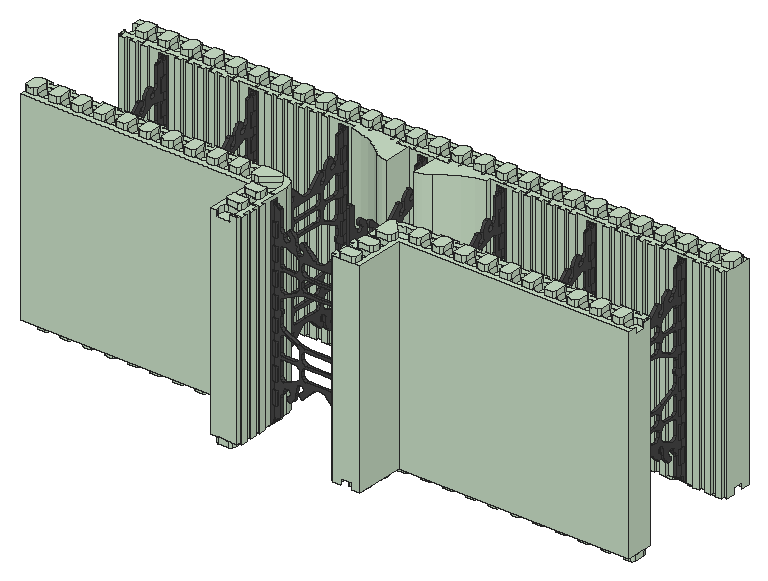
Revit family (continued)
Definition of nested family "NUDURA Diamond Pattern Missing Left Line"
  Lines and regions (mm)
    model lines
      curve 8: arc (117.704, -142.875, 431.415) -> (120.494, -142.875, 438.15) -> (117.704, -142.875, 444.885) r 9.525
      curve 9: line (108.981, -142.875, 422.692) -> (117.704, -142.875, 431.415)
      curve 10: arc (105.934, -142.875, 452.165) -> (101.444, -142.875, 454.025) -> (96.953, -142.875, 452.165) r 6.35
      curve 11: line (115.459, -142.875, 442.64) -> (105.934, -142.875, 452.165)
      curve 12: arc (115.459, -142.875, 433.66) -> (117.319, -142.875, 438.15) -> (115.459, -142.875, 442.64) r 6.35
      curve 13: line (105.934, -142.875, 424.135) -> (115.459, -142.875, 433.66)
      curve 14: arc (96.953, -142.875, 424.135) -> (101.444, -142.875, 422.275) -> (105.934, -142.875, 424.135) r 6.35
      curve 15: line (87.428, -142.875, 433.66) -> (96.953, -142.875, 424.135)
      curve 16: arc (87.428, -142.875, 442.64) -> (85.569, -142.875, 438.15) -> (87.428, -142.875, 433.66) r 6.35
      curve 17: line (96.953, -142.875, 452.165) -> (87.428, -142.875, 442.64)
      curve 18: arc (93.906, -142.875, 415.508) -> (95.394, -142.875, 419.1) -> (93.906, -142.875, 422.692) r 5.08
      curve 19: line (117.704, -142.875, 406.785) -> (108.981, -142.875, 415.508)
      curve 20: arc (117.704, -142.875, 393.315) -> (120.494, -142.875, 400.05) -> (117.704, -142.875, 406.785) r 9.525
      curve 21: line (108.981, -142.875, 384.592) -> (117.704, -142.875, 393.315)
      curve 22: line (85.183, -142.875, 393.315) -> (93.906, -142.875, 384.592)
      curve 23: arc (85.183, -142.875, 406.785) -> (82.394, -142.875, 400.05) -> (85.183, -142.875, 393.315) r 9.525
      curve 24: line (93.906, -142.875, 415.508) -> (85.183, -142.875, 406.785)
      curve 25: arc (105.934, -142.875, 414.065) -> (101.444, -142.875, 415.925) -> (96.953, -142.875, 414.065) r 6.35
      curve 26: line (96.953, -142.875, 414.065) -> (87.428, -142.875, 404.54)
      curve 27: arc (87.428, -142.875, 404.54) -> (85.569, -142.875, 400.05) -> (87.428, -142.875, 395.56) r 6.35
      curve 28: line (87.428, -142.875, 395.56) -> (96.953, -142.875, 386.035)
      curve 29: arc (96.953, -142.875, 386.035) -> (101.444, -142.875, 384.175) -> (105.934, -142.875, 386.035) r 6.35
      curve 30: line (105.934, -142.875, 386.035) -> (115.459, -142.875, 395.56)
      curve 31: arc (115.459, -142.875, 395.56) -> (117.319, -142.875, 400.05) -> (115.459, -142.875, 404.54) r 6.35
      curve 32: line (115.459, -142.875, 404.54) -> (105.934, -142.875, 414.065)
      curve 33: arc (93.906, -142.875, 377.408) -> (95.394, -142.875, 381) -> (93.906, -142.875, 384.592) r 5.08
      curve 34: line (117.704, -142.875, 368.685) -> (108.981, -142.875, 377.408)
      curve 35: arc (117.704, -142.875, 355.215) -> (120.494, -142.875, 361.95) -> (117.704, -142.875, 368.685) r 9.525
      curve 36: line (108.981, -142.875, 346.492) -> (117.704, -142.875, 355.215)
      curve 37: line (85.183, -142.875, 355.215) -> (93.906, -142.875, 346.492)
      curve 38: arc (85.183, -142.875, 368.685) -> (82.394, -142.875, 361.95) -> (85.183, -142.875, 355.215) r 9.525
      curve 39: line (93.906, -142.875, 377.408) -> (85.183, -142.875, 368.685)
      curve 40: arc (105.934, -142.875, 375.965) -> (101.444, -142.875, 377.825) -> (96.953, -142.875, 375.965) r 6.35
      curve 41: line (96.953, -142.875, 375.965) -> (87.428, -142.875, 366.44)
      curve 42: arc (87.428, -142.875, 366.44) -> (85.569, -142.875, 361.95) -> (87.428, -142.875, 357.46) r 6.35
      curve 43: line (87.428, -142.875, 357.46) -> (96.953, -142.875, 347.935)
      curve 44: arc (96.953, -142.875, 347.935) -> (101.444, -142.875, 346.075) -> (105.934, -142.875, 347.935) r 6.35
      curve 45: line (105.934, -142.875, 347.935) -> (115.459, -142.875, 357.46)
      curve 46: arc (115.459, -142.875, 357.46) -> (117.319, -142.875, 361.95) -> (115.459, -142.875, 366.44) r 6.35
      curve 47: line (115.459, -142.875, 366.44) -> (105.934, -142.875, 375.965)
      curve 48: arc (93.906, -142.875, 339.308) -> (95.394, -142.875, 342.9) -> (93.906, -142.875, 346.492) r 5.08
      curve 49: line (117.704, -142.875, 330.585) -> (108.981, -142.875, 339.308)
      curve 50: arc (117.704, -142.875, 317.115) -> (120.494, -142.875, 323.85) -> (117.704, -142.875, 330.585) r 9.525
      curve 51: line (108.981, -142.875, 308.392) -> (117.704, -142.875, 317.115)
      curve 52: line (85.183, -142.875, 317.115) -> (93.906, -142.875, 308.392)
      curve 53: arc (85.183, -142.875, 330.585) -> (82.394, -142.875, 323.85) -> (85.183, -142.875, 317.115) r 9.525
      curve 54: line (93.906, -142.875, 339.308) -> (85.183, -142.875, 330.585)
      curve 55: arc (105.934, -142.875, 337.865) -> (101.444, -142.875, 339.725) -> (96.953, -142.875, 337.865) r 6.35
      curve 56: line (96.953, -142.875, 337.865) -> (87.428, -142.875, 328.34)
      curve 57: arc (87.428, -142.875, 328.34) -> (85.569, -142.875, 323.85) -> (87.428, -142.875, 319.36) r 6.35
      curve 58: line (87.428, -142.875, 319.36) -> (96.953, -142.875, 309.835)
      curve 59: arc (96.953, -142.875, 309.835) -> (101.444, -142.875, 307.975) -> (105.934, -142.875, 309.835) r 6.35
      curve 60: line (105.934, -142.875, 309.835) -> (115.459, -142.875, 319.36)
      curve 61: arc (115.459, -142.875, 319.36) -> (117.319, -142.875, 323.85) -> (115.459, -142.875, 328.34) r 6.35
      curve 62: line (115.459, -142.875, 328.34) -> (105.934, -142.875, 337.865)
      curve 63: arc (93.906, -142.875, 301.208) -> (95.394, -142.875, 304.8) -> (93.906, -142.875, 308.392) r 5.08
      curve 64: line (117.704, -142.875, 292.485) -> (108.981, -142.875, 301.208)
      curve 65: arc (117.704, -142.875, 279.015) -> (120.494, -142.875, 285.75) -> (117.704, -142.875, 292.485) r 9.525
      curve 66: line (108.981, -142.875, 270.292) -> (117.704, -142.875, 279.015)
      curve 67: line (85.183, -142.875, 279.015) -> (93.906, -142.875, 270.292)
      curve 68: arc (85.183, -142.875, 292.485) -> (82.394, -142.875, 285.75) -> (85.183, -142.875, 279.015) r 9.525
      curve 69: line (93.906, -142.875, 301.208) -> (85.183, -142.875, 292.485)
      curve 70: arc (105.934, -142.875, 299.765) -> (101.444, -142.875, 301.625) -> (96.953, -142.875, 299.765) r 6.35
      curve 71: line (96.953, -142.875, 299.765) -> (87.428, -142.875, 290.24)
      curve 72: arc (87.428, -142.875, 290.24) -> (85.569, -142.875, 285.75) -> (87.428, -142.875, 281.26) r 6.35
      curve 73: line (87.428, -142.875, 281.26) -> (96.953, -142.875, 271.735)
      curve 74: arc (96.953, -142.875, 271.735) -> (101.444, -142.875, 269.875) -> (105.934, -142.875, 271.735) r 6.35
      curve 75: line (105.934, -142.875, 271.735) -> (115.459, -142.875, 281.26)
      curve 76: arc (115.459, -142.875, 281.26) -> (117.319, -142.875, 285.75) -> (115.459, -142.875, 290.24) r 6.35
      curve 77: line (115.459, -142.875, 290.24) -> (105.934, -142.875, 299.765)
      curve 78: arc (93.906, -142.875, 263.108) -> (95.394, -142.875, 266.7) -> (93.906, -142.875, 270.292) r 5.08
      curve 79: line (117.704, -142.875, 254.385) -> (108.981, -142.875, 263.108)
      curve 80: arc (117.704, -142.875, 240.915) -> (120.494, -142.875, 247.65) -> (117.704, -142.875, 254.385) r 9.525
      curve 81: line (108.981, -142.875, 232.192) -> (117.704, -142.875, 240.915)
      curve 82: line (85.183, -142.875, 240.915) -> (93.906, -142.875, 232.192)
      curve 83: arc (85.183, -142.875, 254.385) -> (82.394, -142.875, 247.65) -> (85.183, -142.875, 240.915) r 9.525
      curve 84: line (93.906, -142.875, 263.108) -> (85.183, -142.875, 254.385)
      curve 85: arc (105.934, -142.875, 261.665) -> (101.444, -142.875, 263.525) -> (96.953, -142.875, 261.665) r 6.35
      curve 86: line (96.953, -142.875, 261.665) -> (87.428, -142.875, 252.14)
      curve 87: arc (87.428, -142.875, 252.14) -> (85.569, -142.875, 247.65) -> (87.428, -142.875, 243.16) r 6.35
      curve 88: line (87.428, -142.875, 243.16) -> (96.953, -142.875, 233.635)
      curve 89: arc (96.953, -142.875, 233.635) -> (101.444, -142.875, 231.775) -> (105.934, -142.875, 233.635) r 6.35
      curve 90: line (105.934, -142.875, 233.635) -> (115.459, -142.875, 243.16)
      curve 91: arc (115.459, -142.875, 243.16) -> (117.319, -142.875, 247.65) -> (115.459, -142.875, 252.14) r 6.35
      curve 92: line (115.459, -142.875, 252.14) -> (105.934, -142.875, 261.665)
      curve 93: arc (93.906, -142.875, 225.008) -> (95.394, -142.875, 228.6) -> (93.906, -142.875, 232.192) r 5.08
      curve 94: line (117.704, -142.875, 216.285) -> (108.981, -142.875, 225.008)
      curve 95: arc (117.704, -142.875, 202.815) -> (120.494, -142.875, 209.55) -> (117.704, -142.875, 216.285) r 9.525
      curve 96: line (108.981, -142.875, 194.092) -> (117.704, -142.875, 202.815)
      curve 97: line (85.183, -142.875, 202.815) -> (93.906, -142.875, 194.092)
      curve 98: arc (85.183, -142.875, 216.285) -> (82.394, -142.875, 209.55) -> (85.183, -142.875, 202.815) r 9.525
      curve 99: line (93.906, -142.875, 225.008) -> (85.183, -142.875, 216.285)
      curve 100: arc (105.934, -142.875, 223.565) -> (101.444, -142.875, 225.425) -> (96.953, -142.875, 223.565) r 6.35
      curve 101: line (96.953, -142.875, 223.565) -> (87.428, -142.875, 214.04)
      curve 102: arc (87.428, -142.875, 214.04) -> (85.569, -142.875, 209.55) -> (87.428, -142.875, 205.06) r 6.35
      curve 103: line (87.428, -142.875, 205.06) -> (96.953, -142.875, 195.535)
      curve 104: arc (96.953, -142.875, 195.535) -> (101.444, -142.875, 193.675) -> (105.934, -142.875, 195.535) r 6.35
      curve 105: line (105.934, -142.875, 195.535) -> (115.459, -142.875, 205.06)
      curve 106: arc (115.459, -142.875, 205.06) -> (117.319, -142.875, 209.55) -> (115.459, -142.875, 214.04) r 6.35
      curve 107: line (115.459, -142.875, 214.04) -> (105.934, -142.875, 223.565)
      curve 108: arc (93.906, -142.875, 186.908) -> (95.394, -142.875, 190.5) -> (93.906, -142.875, 194.092) r 5.08
      curve 109: line (117.704, -142.875, 178.185) -> (108.981, -142.875, 186.908)
      curve 110: arc (117.704, -142.875, 164.715) -> (120.494, -142.875, 171.45) -> (117.704, -142.875, 178.185) r 9.525
      curve 111: line (108.981, -142.875, 155.992) -> (117.704, -142.875, 164.715)
      curve 112: line (85.183, -142.875, 164.715) -> (93.906, -142.875, 155.992)
      curve 113: arc (85.183, -142.875, 178.185) -> (82.394, -142.875, 171.45) -> (85.183, -142.875, 164.715) r 9.525
      curve 114: line (93.906, -142.875, 186.908) -> (85.183, -142.875, 178.185)
      curve 115: arc (105.934, -142.875, 185.465) -> (101.444, -142.875, 187.325) -> (96.953, -142.875, 185.465) r 6.35
      curve 116: line (96.953, -142.875, 185.465) -> (87.428, -142.875, 175.94)
      curve 117: arc (87.428, -142.875, 175.94) -> (85.569, -142.875, 171.45) -> (87.428, -142.875, 166.96) r 6.35
      curve 118: line (87.428, -142.875, 166.96) -> (96.953, -142.875, 157.435)
      curve 119: arc (96.953, -142.875, 157.435) -> (101.444, -142.875, 155.575) -> (105.934, -142.875, 157.435) r 6.35
      curve 120: line (105.934, -142.875, 157.435) -> (115.459, -142.875, 166.96)
      curve 121: arc (115.459, -142.875, 166.96) -> (117.319, -142.875, 171.45) -> (115.459, -142.875, 175.94) r 6.35
      curve 122: line (115.459, -142.875, 175.94) -> (105.934, -142.875, 185.465)
      curve 123: arc (93.906, -142.875, 148.808) -> (95.394, -142.875, 152.4) -> (93.906, -142.875, 155.992) r 5.08
      curve 124: line (117.704, -142.875, 140.085) -> (108.981, -142.875, 148.808)
      curve 125: arc (117.704, -142.875, 126.615) -> (120.494, -142.875, 133.35) -> (117.704, -142.875, 140.085) r 9.525
      curve 126: line (108.981, -142.875, 117.892) -> (117.704, -142.875, 126.615)
      curve 127: line (85.183, -142.875, 126.615) -> (93.906, -142.875, 117.892)
      curve 128: arc (85.183, -142.875, 140.085) -> (82.394, -142.875, 133.35) -> (85.183, -142.875, 126.615) r 9.525
      curve 129: line (93.906, -142.875, 148.808) -> (85.183, -142.875, 140.085)
      curve 130: arc (105.934, -142.875, 147.365) -> (101.444, -142.875, 149.225) -> (96.953, -142.875, 147.365) r 6.35
      curve 131: line (96.953, -142.875, 147.365) -> (87.428, -142.875, 137.84)
      curve 132: arc (87.428, -142.875, 137.84) -> (85.569, -142.875, 133.35) -> (87.428, -142.875, 128.86) r 6.35
      curve 133: line (87.428, -142.875, 128.86) -> (96.953, -142.875, 119.335)
      curve 134: arc (96.953, -142.875, 119.335) -> (101.444, -142.875, 117.475) -> (105.934, -142.875, 119.335) r 6.35
      curve 135: line (105.934, -142.875, 119.335) -> (115.459, -142.875, 128.86)
      curve 136: arc (115.459, -142.875, 128.86) -> (117.319, -142.875, 133.35) -> (115.459, -142.875, 137.84) r 6.35
      curve 137: line (115.459, -142.875, 137.84) -> (105.934, -142.875, 147.365)
      curve 138: arc (93.906, -142.875, 110.708) -> (95.394, -142.875, 114.3) -> (93.906, -142.875, 117.892) r 5.08
      curve 139: line (117.704, -142.875, 101.985) -> (108.981, -142.875, 110.708)
      curve 140: arc (117.704, -142.875, 88.515) -> (120.494, -142.875, 95.25) -> (117.704, -142.875, 101.985) r 9.525
      curve 141: line (108.981, -142.875, 79.792) -> (117.704, -142.875, 88.515)
      curve 142: line (85.183, -142.875, 88.515) -> (93.906, -142.875, 79.792)
      curve 143: arc (85.183, -142.875, 101.985) -> (82.394, -142.875, 95.25) -> (85.183, -142.875, 88.515) r 9.525
      curve 144: line (93.906, -142.875, 110.708) -> (85.183, -142.875, 101.985)
      curve 145: arc (105.934, -142.875, 109.265) -> (101.444, -142.875, 111.125) -> (96.953, -142.875, 109.265) r 6.35
      curve 146: line (96.953, -142.875, 109.265) -> (87.428, -142.875, 99.74)
      curve 147: arc (87.428, -142.875, 99.74) -> (85.569, -142.875, 95.25) -> (87.428, -142.875, 90.76) r 6.35
      curve 148: line (87.428, -142.875, 90.76) -> (96.953, -142.875, 81.235)
      curve 149: arc (96.953, -142.875, 81.235) -> (101.444, -142.875, 79.375) -> (105.934, -142.875, 81.235) r 6.35
      curve 150: line (105.934, -142.875, 81.235) -> (115.459, -142.875, 90.76)
      curve 151: arc (115.459, -142.875, 90.76) -> (117.319, -142.875, 95.25) -> (115.459, -142.875, 99.74) r 6.35
      curve 152: line (115.459, -142.875, 99.74) -> (105.934, -142.875, 109.265)
      curve 153: arc (93.906, -142.875, 72.608) -> (95.394, -142.875, 76.2) -> (93.906, -142.875, 79.792) r 5.08
      curve 154: line (117.704, -142.875, 63.885) -> (108.981, -142.875, 72.608)
      curve 155: arc (117.704, -142.875, 50.415) -> (120.494, -142.875, 57.15) -> (117.704, -142.875, 63.885) r 9.525
      curve 156: line (108.981, -142.875, 41.692) -> (117.704, -142.875, 50.415)
      curve 157: line (85.183, -142.875, 50.415) -> (93.906, -142.875, 41.692)
      curve 158: arc (85.183, -142.875, 63.885) -> (82.394, -142.875, 57.15) -> (85.183, -142.875, 50.415) r 9.525
      curve 159: line (93.906, -142.875, 72.608) -> (85.183, -142.875, 63.885)
      curve 160: arc (105.934, -142.875, 71.165) -> (101.444, -142.875, 73.025) -> (96.953, -142.875, 71.165) r 6.35
      curve 161: line (96.953, -142.875, 71.165) -> (87.428, -142.875, 61.64)
      curve 162: arc (87.428, -142.875, 61.64) -> (85.569, -142.875, 57.15) -> (87.428, -142.875, 52.66) r 6.35
      curve 163: line (87.428, -142.875, 52.66) -> (96.953, -142.875, 43.135)
      curve 164: arc (96.953, -142.875, 43.135) -> (101.444, -142.875, 41.275) -> (105.934, -142.875, 43.135) r 6.35
      curve 165: line (105.934, -142.875, 43.135) -> (115.459, -142.875, 52.66)
      curve 166: arc (115.459, -142.875, 52.66) -> (117.319, -142.875, 57.15) -> (115.459, -142.875, 61.64) r 6.35
      curve 167: line (115.459, -142.875, 61.64) -> (105.934, -142.875, 71.165)
      curve 168: arc (93.906, -142.875, 34.508) -> (95.394, -142.875, 38.1) -> (93.906, -142.875, 41.692) r 5.08
      curve 169: line (93.906, -142.875, 34.508) -> (85.183, -142.875, 25.785)
      curve 170: arc (85.183, -142.875, 25.785) -> (82.394, -142.875, 19.05) -> (85.183, -142.875, 12.315) r 9.525
      curve 171: line (85.183, -142.875, 12.315) -> (94.708, -142.875, 2.79)
      curve 172: arc (94.708, -142.875, 2.79) -> (101.444, -142.875, 0) -> (108.179, -142.875, 2.79) r 9.525
      curve 173: line (108.179, -142.875, 2.79) -> (117.704, -142.875, 12.315)
      curve 174: arc (117.704, -142.875, 12.315) -> (120.494, -142.875, 19.05) -> (117.704, -142.875, 25.785) r 9.525
      curve 175: line (117.704, -142.875, 25.785) -> (108.981, -142.875, 34.508)
      curve 176: arc (108.981, -142.875, 41.692) -> (107.493, -142.875, 38.1) -> (108.981, -142.875, 34.508) r 5.08
      curve 177: arc (105.934, -142.875, 33.065) -> (101.444, -142.875, 34.925) -> (96.953, -142.875, 33.065) r 6.35
      curve 178: line (115.459, -142.875, 23.54) -> (105.934, -142.875, 33.065)
      curve 179: arc (115.459, -142.875, 14.56) -> (117.319, -142.875, 19.05) -> (115.459, -142.875, 23.54) r 6.35
      curve 180: line (105.934, -142.875, 5.035) -> (115.459, -142.875, 14.56)
      curve 181: arc (96.953, -142.875, 5.035) -> (101.444, -142.875, 3.175) -> (105.934, -142.875, 5.035) r 6.35
      curve 182: line (87.428, -142.875, 14.56) -> (96.953, -142.875, 5.035)
      curve 183: arc (87.428, -142.875, 23.54) -> (85.569, -142.875, 19.05) -> (87.428, -142.875, 14.56) r 6.35
      curve 184: line (96.953, -142.875, 33.065) -> (87.428, -142.875, 23.54)
      curve 185: arc (108.981, -142.875, 79.792) -> (107.493, -142.875, 76.2) -> (108.981, -142.875, 72.608) r 5.08
      curve 186: arc (108.981, -142.875, 117.892) -> (107.493, -142.875, 114.3) -> (108.981, -142.875, 110.708) r 5.08
      curve 187: arc (108.981, -142.875, 155.992) -> (107.493, -142.875, 152.4) -> (108.981, -142.875, 148.808) r 5.08
      curve 188: arc (108.981, -142.875, 194.092) -> (107.493, -142.875, 190.5) -> (108.981, -142.875, 186.908) r 5.08
      curve 189: arc (108.981, -142.875, 232.192) -> (107.493, -142.875, 228.6) -> (108.981, -142.875, 225.008) r 5.08
      curve 190: arc (108.981, -142.875, 270.292) -> (107.493, -142.875, 266.7) -> (108.981, -142.875, 263.108) r 5.08
      curve 191: arc (108.981, -142.875, 308.392) -> (107.493, -142.875, 304.8) -> (108.981, -142.875, 301.208) r 5.08
      curve 192: arc (108.981, -142.875, 346.492) -> (107.493, -142.875, 342.9) -> (108.981, -142.875, 339.308) r 5.08
      curve 193: arc (108.981, -142.875, 384.592) -> (107.493, -142.875, 381) -> (108.981, -142.875, 377.408) r 5.08
      curve 194: arc (108.981, -142.875, 422.692) -> (107.493, -142.875, 419.1) -> (108.981, -142.875, 415.508) r 5.08
